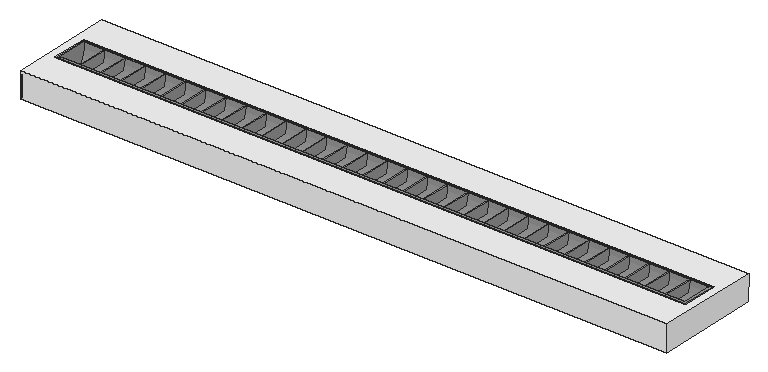
Revit family "0051212 Lighting Fixture_Sylvania_Rana LED 187x1183-Analogue 1-10 dimmable-4000K_Surface Mounted", category Lighting Fixtures, host Face, Revit 2015
Parameters (values of type "RANA LED D W CM+P 1*LH 1-10 4K")
  Width = 187.0 mm
  Weight = 3.60 kg
  Wattage = 34.0761 W
  built-in parameter 1150110 = 1 (stored number, unit not read)
  Voltage Comments = "UNV (Universal Voltage; 220-240 Volt)"  # constant formula
  Voltage = 230 V  # constant formula
  URL = "http://www.feilosylvania.com/"
  built-in parameter 1114217 = 1 (stored number, unit not read)
  Tilt Angle = -90.00°
  built-in parameter 1150109 = 1 (stored number, unit not read)
  built-in parameter 1150134 = 12
  built-in parameter 1150113 = 1 (stored number, unit not read)
  Reflector Material = Steel_Sylvania_RanaLED_Silver
  Product Page URL = "http://www.feilosylvania.com/product/en-int/products/0051212"
  Product Family = "Rana LED 187x1183-Analogue 1-10 dimmable-4000K Lamp"  # constant formula
  Photometry Comments = ""
  Photometric Web File = "0051212_RANALEDDWCM+P1LH1-104K-186609.ies"
  Louver Length = Length - 30.0 mm  # 1153.0 mm
  Life = "50 000h"  # constant formula
  Length = 1183.0 mm
  IP Rating = "20"  # constant formula
  IK Rating = "07"  # constant formula
  Height = 47.0 mm
  Energy Class = "A++, A+, A"  # constant formula
  built-in parameter 1114216 [instance] = 1 (stored number, unit not read)
  Model = "RANA LED D W CM+P 1*LH 1-10 4K"
  Manufacturer = "Feilo Sylvania"  # constant formula
  built-in parameter 1150105 = 1807.7 (stored number, unit not read)
  Lumens = 3135 lm
  built-in parameter 1150115 = 1 (stored number, unit not read)
  built-in parameter 1150137 = (empty or 0)
  built-in parameter 1150139 = (empty or 0)
  built-in parameter 1150112 = 1 (stored number, unit not read)
  built-in parameter 1150114 = 1 (stored number, unit not read)
  Lamp = "Integrated LED"  # constant formula
  built-in parameter 1150132 = 2
  built-in parameter 1150102 = (empty or 0)
  built-in parameter 1150107 = 4000 (stored number, unit not read)
  built-in parameter 1150138 = (empty or 0)
  built-in parameter 1150106 = 18.077 (stored number, unit not read)
  Emit from Rectangle Width = 65.0 mm  # constant formula
  Emit from Rectangle Length = Louver Length  # 1153.0 mm
  Emit Shape Visible in Rendering = no
  built-in parameter 1150104 = 8.5471 (stored number, unit not read)
  Dimming Lamp Color Temperature Shift = <None>
  Description = "Provides perfect uniform light distribution greatly enhancing the lit space. Low profile for ease of installation in restricted ceiling voids. Two stage optic for optimum comfort and efficiency. UGR19 office compliant. Enclosed design reduces dust ingress and improves Lumen Maintenance Factor (LMF). 32W - 69W LED surface luminaire. Rana LED is perfect for office lighting applications, schools, airports and general lighting applications. Available with a satin optic and micro prism diffuser. Available in surface (615 X 615, 1183 X 1187). Rana LED delivers high efficiency up to 6,050lm (luminaire lumen output on 4,000K version), equating to 101lm/W (total system efficiency). Available in warm white (3,000K) and neutral white (4,000K). Integrated LED solution that has the same aesthetics as a T5 or T8 diffuse luminaire. Energy efficient electronic gear including DALI and 3 hour emergency versions as standard. Long lifetime: 50,000 hours life at 70% of the original output L70. Less maintenance is required due to the long lifetime of 50,000hrs. Energy Class: A++, A+, A. LED technology provides an energy efficient solution with reduced maintenance costs. Comes complete with safety cable"  # constant formula
  Default Elevation = 0.0 mm
  Color Filter = 16777215
  Catalog Number = "0051212 RANA LED D W CM+P 1*LH 1-10 4K"
  built-in parameter 1140040 [instance] = 1
  built-in parameter 1114218 = 1 (stored number, unit not read)
  built-in parameter 1150133 = 10 (stored number, unit not read)
  Assembly Code = "D5020200"
  Apparent Load Comments = ""
  Apparent Load = 32 VA
  Accessory Material = Aluminum_Sylvania_RanaLED_White
Types (3, lengths in mm): name | Wattage | built-in parameter 1150134 | Product Page URL | Photometric Web File | Model | built-in parameter 1150105 | Lumens | built-in parameter 1150107 | built-in parameter 1150106 | Catalog Number
  RANA LED D W CM+P 1*LH 3K | 32 W | (empty or 0) | "http://www.feilosylvania.com/product/en-int/products/0051215" | "0051215_RANALEDDWCM+P1LH3K-186482.ies" | "RANA LED D W CM+P 1*LH 3K" | 1697.5 (stored number, unit not read) | 2944 lm | 3000 (stored number, unit not read) | 16.975 (stored number, unit not read) | "0051215 RANA LED D W CM+P 1*LH 3K"
  RANA LED D W CM+P 1*LH 4K | 34.0761 W | 12 | "http://www.feilosylvania.com/product/en-int/products/0051210" | "0051210_RANALEDDWCM+P1LH4K-186521.ies" | "RANA LED D W CM+P 1*LH 4K" | 1807.7 (stored number, unit not read) | 3135 lm | 4000 (stored number, unit not read) | 18.077 (stored number, unit not read) | "0051210 RANA LED D W CM+P 1*LH 4K"
  RANA LED D W CM+P 1*LH 1-10 4K | 34.0761 W | 12 | "http://www.feilosylvania.com/product/en-int/products/0051212" | "0051212_RANALEDDWCM+P1LH1-104K-186609.ies" | "RANA LED D W CM+P 1*LH 1-10 4K" | 1807.7 (stored number, unit not read) | 3135 lm | 4000 (stored number, unit not read) | 18.077 (stored number, unit not read) | "0051212 RANA LED D W CM+P 1*LH 1-10 4K"
Reference planes
  plane 1 "Center (Front/Back)": y = 0
  plane 2 "Fixture Top": z = 0
  plane 3 "Center (Left/Right)": x = 0
  plane 4 "Fixture Left": x = -591.5
  plane 5 "Fixture Right": x = 591.5
  plane 6 "Fixture Back": y = 93.5
  plane 7 "Fixture Front": y = -93.5
  plane 8: x = -589.5
  plane 9: x = 589.5
  plane 10: y = 91.5
  plane 11: y = -91.5
  plane 12: x = -576.5
  plane 13: x = 576.5
  plane 14: y = 32.5
  plane 15 "Fixture Bottom": z = 47
  plane 16: z = 45
  plane 17: z = 2
  plane 18: y = -32.5
Forms (mm)
  Extrusion 1, solid, material "Aluminum_Sylvania_RanaLED_White" <- "Accessory Material", detail levels fine
    sketch origin (0, 0, 60) x (-1, 0, 0) y (0, -1, 0)
      loop
        line (591.5, -93.5) -> (591.5, 93.5) -> (-591.5, 93.5) -> (-591.5, -93.5) -> (591.5, -93.5)
      loop
        line (576.5, -32.5) -> (576.5, 32.5) -> (-576.5, 32.5) -> (-576.5, -32.5) -> (576.5, -32.5)
    from -15 to -13
  Extrusion 2, solid, material "Aluminum_Sylvania_RanaLED_White" <- "Accessory Material", detail levels fine
    sketch origin (0, 0, 60) x (-1, 0, 0) y (0, -1, 0)
      loop
        line (-591.5, -93.5) -> (591.5, -93.5) -> (591.5, 93.5) -> (-591.5, 93.5) -> (-591.5, -93.5)
      loop
        line (-589.5, -91.5) -> (589.5, -91.5) -> (589.5, 91.5) -> (-589.5, 91.5) -> (-589.5, -91.5)
    from -58 to -15
  Extrusion 3, solid, material "Aluminum_Sylvania_RanaLED_White" <- "Accessory Material", detail levels fine
    sketch origin (0, 0, 60) x (-1, 0, 0) y (0, -1, 0)
      loop
        line (-591.5, -93.5) -> (591.5, -93.5) -> (591.5, 93.5) -> (-591.5, 93.5) -> (-591.5, -93.5)
    from -60 to -58
  Extrusion 4, solid, material "Aluminum_Sylvania_RanaLED_White" <- "Accessory Material", detail levels coarse+medium
    sketch origin (0, 0, 60) x (-1, 0, 0) y (0, -1, 0)
      loop
        line (591.5, -93.5) -> (591.5, 93.5) -> (-591.5, 93.5) -> (-591.5, -93.5) -> (591.5, -93.5)
    from -60 to -13
Cuts and joins
  joined: Extrusion 1, Extrusion 2, Extrusion 3
Dimensions and locks
  equal spacing: plane 6 "Fixture Back", plane 1 "Center (Front/Back)", plane 7 "Fixture Front"
  "Width": plane 6 "Fixture Back" to plane 7 "Fixture Front"
  equal spacing: plane 4 "Fixture Left", plane 3 "Center (Left/Right)", plane 5 "Fixture Right"
  "Length": plane 4 "Fixture Left" to plane 5 "Fixture Right"
  locked: plane 4 "Fixture Left" to plane 8 at 2
  locked: plane 9 to plane 5 "Fixture Right" at 2
  locked: plane 6 "Fixture Back" to plane 10 at 2
  locked: plane 7 "Fixture Front" to plane 11 at 2
  locked: plane 4 "Fixture Left" to plane 12 at 15
  locked: plane 13 to plane 5 "Fixture Right" at 15
  locked: plane 1 "Center (Front/Back)" to plane 14 at 32.5
  "Height": plane 15 "Fixture Bottom" to plane 2 "Fixture Top"
  locked: plane 15 "Fixture Bottom" to plane 16 at 2
  locked: plane 17 to plane 2 "Fixture Top" at 2
  locked: plane 18 to plane 1 "Center (Front/Back)" at 32.5
  aligned and locked: plane 2 "Fixture Top" to host face
  aligned and locked: level to host face
  aligned and locked: Extrusion 1 sketch curve to plane 6 "Fixture Back"
  aligned and locked: plane 4 "Fixture Left" to Extrusion 1 sketch curve
  aligned and locked: Extrusion 1 sketch curve to plane 7 "Fixture Front"
  aligned and locked: plane 5 "Fixture Right" to Extrusion 1 sketch curve
  aligned and locked: Extrusion 1 to plane 16
  aligned and locked: plane 15 "Fixture Bottom" to Extrusion 1
  aligned and locked: Extrusion 2 sketch curve to Extrusion 1  (x4)
  aligned and locked: Extrusion 2 sketch curve to plane 10
  aligned and locked: Extrusion 2 sketch curve to plane 9
  aligned and locked: plane 11 to Extrusion 2 sketch curve
  aligned and locked: Extrusion 2 sketch curve to plane 8
  aligned and locked: Extrusion 2 to plane 17
  aligned and locked: plane 16 to Extrusion 2
  aligned and locked: Extrusion 3 sketch curve to Extrusion 1  (x4)
  aligned and locked: Extrusion 3 to plane 2 "Fixture Top"
  aligned and locked: plane 17 to Extrusion 3
  aligned and locked: plane 13 to nested 1
  aligned and locked: nested 1 to plane 15 "Fixture Bottom"
  aligned and locked: plane 3 "Center (Left/Right)" to imposter light
  aligned and locked: imposter light to plane 1 "Center (Front/Back)"
  aligned and locked: plane 15 "Fixture Bottom" to imposter light
  aligned and locked: Extrusion 4 sketch curve to cut or joined group of Extrusion 1, Extrusion 2, Extrusion 3  (x4)
  aligned and locked: Extrusion 4 to plane 2 "Fixture Top"
  aligned and locked: plane 15 "Fixture Bottom" to Extrusion 4
  aligned and locked: Extrusion 1 sketch curve to plane 18
  aligned and locked: plane 13 to Extrusion 1 sketch curve
  aligned and locked: plane 1 "Center (Front/Back)" to nested 1
Automatic sketch dimensions
  host sketch curve to host sketch curve = 1713.741 mm
  host sketch curve to host sketch curve = 1283.632 mm
  Extrusion 1 sketch curve to plane 12 = 0.0 mm
  Extrusion 1 sketch curve to plane 14 = 0.0 mm
Nested families
  nested 1: "Reflector Rana LED" at (0, 0, 7) x (0, 1, 0) z (0, 0, 1), type "Type", detail levels fine
    with Length 1153.0 mm, Lamella Number 30
Connectors
  electrical at (0, 0, 0), driven by "Voltage", driven by "Apparent Load"
    settings: on cut or joined group of Extrusion 1, Extrusion 2, Extrusion 3, index 1, voltage 230 V, apparent load 0 VA, apparent load phase1 32 VA, apparent load phase2 0 VA, apparent load phase3 0 VA, power factor 1, load classification "Lighting", number of poles 1, system type 31, power factor state 1, is connector primary yes, connector utility no, sub classification motor no, connector description ""
Definition of nested family "Reflector Rana LED"
  Parameters
    Length = 558.0 mm
    Lamella Number = Length / 39.0 mm  # 14
    Height = 40.0 mm
    Width = 65.0 mm
    Default Elevation = 0.0 mm
    Reflector Material = none
  Reference planes
    plane 1 "Center (Front/Back)": y = 0
    plane 2: z = 0
    plane 3 "Center (Left/Right)": x = 0
    plane 4: x = 32.5
    plane 5: x = -32.5
    plane 6: z = 40
    plane 7: x = -27.5
    plane 8: x = 27.5
    plane 9: z = 3
    plane 10: x = -15
    plane 11: x = 15
    plane 12: y = 279
    plane 13: y = -279
    plane 14: y = 239
    plane 15: y = -239
    plane 16: y = 274
    plane 17: y = -274
    plane 18: z = 20
    plane 19: z = 38.5
  Forms (mm)
    Extrusion 1, solid, material <- "Reflector Material"
      sketch origin (0, 0, 0) x (1, 0, 0) y (0, 0, 1)
        loop
          line (-27.5, 40) -> (-32.5, 40) -> (-32.5, 0) -> (32.5, 0) -> (32.5, 40) -> (27.5, 40)
          arc (27.5, 40) -> (24.712, 20.33) -> (15, 3) r 54
          line (15, 3) -> (-15, 3)
          arc (-15, 3) -> (-24.712, 20.33) -> (-27.5, 40) r 54
      from -279 to 279
    Extrusion 2, solid, material <- "Reflector Material"
      sketch origin (0, 0, 0) x (1, 0, 0) y (0, 0, 1)
        loop
          line (32.5, 40) -> (-32.5, 40) -> (-32.5, 0) -> (32.5, 0) -> (32.5, 40)
      from 274 to 279
    Extrusion 3, solid, material <- "Reflector Material"
      sketch origin (0, 0, 0) x (1, 0, 0) y (0, 0, -1)
        loop
          line (32.5, -40) -> (32.5, 0) -> (-32.5, 0) -> (-32.5, -40) -> (32.5, -40)
      from 274 to 279
    Extrusion 4, solid, material <- "Reflector Material"
      sketch origin (0, -1, 0) x (1, 0, 0) y (0, 0, 1)
        loop
          line (-24.599, 20) -> (24.599, 20)
          arc (24.599, 20) -> (26.881, 29.121) -> (27.545, 38.5) r 54
          line (27.545, 38.5) -> (-27.545, 38.5)
          arc (-27.545, 38.5) -> (-26.881, 29.121) -> (-24.599, 20) r 54
      from -240 to -238
    Extrusion 5, solid, material <- "Reflector Material"
      sketch origin (0, -477, 0) x (1, 0, 0) y (0, 0, 1)
        loop
          line (-24.599, 20) -> (24.599, 20)
          arc (24.599, 20) -> (26.881, 29.121) -> (27.545, 38.5) r 54
          line (27.545, 38.5) -> (-27.545, 38.5)
          arc (-27.545, 38.5) -> (-26.881, 29.121) -> (-24.599, 20) r 54
      from -240 to -238
    Extrusion 6, solid, material <- "Reflector Material"
      sketch origin (0, -37.615, 0) x (1, 0, 0) y (0, 0, 1)
        loop
          line (-24.599, 20) -> (24.599, 20)
          arc (24.599, 20) -> (26.881, 29.121) -> (27.545, 38.5) r 54
          line (27.545, 38.5) -> (-27.545, 38.5)
          arc (-27.545, 38.5) -> (-26.881, 29.121) -> (-24.599, 20) r 54
      from -240 to -238
    Extrusion 7, solid, material <- "Reflector Material"
      sketch origin (0, -74.231, 0) x (1, 0, 0) y (0, 0, 1)
        loop
          line (-24.599, 20) -> (24.599, 20)
          arc (24.599, 20) -> (26.881, 29.121) -> (27.545, 38.5) r 54
          line (27.545, 38.5) -> (-27.545, 38.5)
          arc (-27.545, 38.5) -> (-26.881, 29.121) -> (-24.599, 20) r 54
      from -240 to -238
    Extrusion 8, solid, material <- "Reflector Material"
      sketch origin (0, -110.846, 0) x (1, 0, 0) y (0, 0, 1)
        loop
          line (-24.599, 20) -> (24.599, 20)
          arc (24.599, 20) -> (26.881, 29.121) -> (27.545, 38.5) r 54
          line (27.545, 38.5) -> (-27.545, 38.5)
          arc (-27.545, 38.5) -> (-26.881, 29.121) -> (-24.599, 20) r 54
      from -240 to -238
    Extrusion 9, solid, material <- "Reflector Material"
      sketch origin (0, -147.462, 0) x (1, 0, 0) y (0, 0, 1)
        loop
          line (-24.599, 20) -> (24.599, 20)
          arc (24.599, 20) -> (26.881, 29.121) -> (27.545, 38.5) r 54
          line (27.545, 38.5) -> (-27.545, 38.5)
          arc (-27.545, 38.5) -> (-26.881, 29.121) -> (-24.599, 20) r 54
      from -240 to -238
    Extrusion 10, solid, material <- "Reflector Material"
      sketch origin (0, -184.077, 0) x (1, 0, 0) y (0, 0, 1)
        loop
          line (-24.599, 20) -> (24.599, 20)
          arc (24.599, 20) -> (26.881, 29.121) -> (27.545, 38.5) r 54
          line (27.545, 38.5) -> (-27.545, 38.5)
          arc (-27.545, 38.5) -> (-26.881, 29.121) -> (-24.599, 20) r 54
      from -240 to -238
    Extrusion 11, solid, material <- "Reflector Material"
      sketch origin (0, -220.692, 0) x (1, 0, 0) y (0, 0, 1)
        loop
          line (-24.599, 20) -> (24.599, 20)
          arc (24.599, 20) -> (26.881, 29.121) -> (27.545, 38.5) r 54
          line (27.545, 38.5) -> (-27.545, 38.5)
          arc (-27.545, 38.5) -> (-26.881, 29.121) -> (-24.599, 20) r 54
      from -240 to -238
    Extrusion 12, solid, material <- "Reflector Material"
      sketch origin (0, -257.308, 0) x (1, 0, 0) y (0, 0, 1)
        loop
          line (-24.599, 20) -> (24.599, 20)
          arc (24.599, 20) -> (26.881, 29.121) -> (27.545, 38.5) r 54
          line (27.545, 38.5) -> (-27.545, 38.5)
          arc (-27.545, 38.5) -> (-26.881, 29.121) -> (-24.599, 20) r 54
      from -240 to -238
    Extrusion 13, solid, material <- "Reflector Material"
      sketch origin (0, -293.923, 0) x (1, 0, 0) y (0, 0, 1)
        loop
          line (-24.599, 20) -> (24.599, 20)
          arc (24.599, 20) -> (26.881, 29.121) -> (27.545, 38.5) r 54
          line (27.545, 38.5) -> (-27.545, 38.5)
          arc (-27.545, 38.5) -> (-26.881, 29.121) -> (-24.599, 20) r 54
      from -240 to -238
    Extrusion 14, solid, material <- "Reflector Material"
      sketch origin (0, -330.538, 0) x (1, 0, 0) y (0, 0, 1)
        loop
          line (-24.599, 20) -> (24.599, 20)
          arc (24.599, 20) -> (26.881, 29.121) -> (27.545, 38.5) r 54
          line (27.545, 38.5) -> (-27.545, 38.5)
          arc (-27.545, 38.5) -> (-26.881, 29.121) -> (-24.599, 20) r 54
      from -240 to -238
    Extrusion 15, solid, material <- "Reflector Material"
      sketch origin (0, -367.154, 0) x (1, 0, 0) y (0, 0, 1)
        loop
          line (-24.599, 20) -> (24.599, 20)
          arc (24.599, 20) -> (26.881, 29.121) -> (27.545, 38.5) r 54
          line (27.545, 38.5) -> (-27.545, 38.5)
          arc (-27.545, 38.5) -> (-26.881, 29.121) -> (-24.599, 20) r 54
      from -240 to -238
    Extrusion 16, solid, material <- "Reflector Material"
      sketch origin (0, -403.769, 0) x (1, 0, 0) y (0, 0, 1)
        loop
          line (-24.599, 20) -> (24.599, 20)
          arc (24.599, 20) -> (26.881, 29.121) -> (27.545, 38.5) r 54
          line (27.545, 38.5) -> (-27.545, 38.5)
          arc (-27.545, 38.5) -> (-26.881, 29.121) -> (-24.599, 20) r 54
      from -240 to -238
    Extrusion 17, solid, material <- "Reflector Material"
      sketch origin (0, -440.385, 0) x (1, 0, 0) y (0, 0, 1)
        loop
          line (-24.599, 20) -> (24.599, 20)
          arc (24.599, 20) -> (26.881, 29.121) -> (27.545, 38.5) r 54
          line (27.545, 38.5) -> (-27.545, 38.5)
          arc (-27.545, 38.5) -> (-26.881, 29.121) -> (-24.599, 20) r 54
      from -240 to -238
  Cuts and joins
    joined: Extrusion 1, Extrusion 2, Extrusion 3
  Dimensions and locks
    equal spacing: plane 4, plane 3 "Center (Left/Right)", plane 5
    "Width": plane 5 to plane 4
    "Height": plane 6 to level
    locked: plane 7 to plane 5 at 5
    locked: plane 8 to plane 4 at 5
    locked: plane 5 to plane 10 at 17.5
    locked: plane 4 to plane 11 at 17.5
    equal spacing: plane 13, plane 1 "Center (Front/Back)", plane 12
    "Length": plane 12 to plane 13
    locked: plane 12 to plane 14 at 40
    locked: plane 15 to plane 13 at 40
    locked: plane 17 to plane 13 at 5
    locked: plane 12 to plane 16 at 5
    equal spacing: group 1, group 3, group 4, group 5, group 6, group 7, group 8, group 9, group 10, group 11, group 12, group 13, group 14, group 2  (x2)
    equal spacing: group 2, group 14, group 13, group 12, group 11, group 10, group 9, group 8, group 7, group 6, group 5, group 4, group 3, group 1
    locked: plane 6 to plane 19 at 1.5
    locked: plane 6 to plane 18 at 20
    locked: plane 6 to plane 9 at 37
    aligned and locked: level to plane 2
    aligned and locked: plane 10 to Extrusion 1 sketch curve
    aligned and locked: plane 6 to Extrusion 1 sketch curve
    aligned and locked: plane 7 to Extrusion 1 sketch curve
    aligned and locked: plane 8 to Extrusion 1 sketch curve
    aligned and locked: plane 9 to Extrusion 1 sketch curve  (x2)
    aligned and locked: plane 11 to Extrusion 1 sketch curve
    aligned and locked: Extrusion 1 sketch curve to plane 5
    aligned and locked: plane 2 to Extrusion 1 sketch curve
    aligned and locked: Extrusion 1 sketch curve to plane 4
    aligned and locked: Extrusion 1 sketch curve to plane 6  (x2)
    aligned and locked: plane 12 to Extrusion 1
    aligned and locked: Extrusion 1 to plane 13
    aligned and locked: Extrusion 2 sketch curve to Extrusion 1  (x4)
    aligned and locked: Extrusion 2 to plane 13
    aligned and locked: Extrusion 2 to plane 17
    aligned and locked: plane 12 to Extrusion 3
    aligned and locked: Extrusion 3 to plane 16
    aligned and locked: Extrusion 4 to plane 14
    aligned and locked: Extrusion 5 to plane 15
    aligned and locked: plane 14 to Extrusion 4
    aligned and locked: Extrusion 4 to plane 18
    aligned and locked: plane 19 to Extrusion 4
    aligned and locked: plane 19 to Extrusion 5
    aligned and locked: Extrusion 5 to plane 18
  Automatic sketch dimensions
    Extrusion 1 sketch curve to plane 19 = 0.886 mm  (x2)
    plane 5 to Extrusion 3 sketch curve = 0.0 mm
    Extrusion 3 sketch curve to level = 0.0 mm
    Extrusion 3 sketch curve to plane 4 = 0.0 mm
    Extrusion 3 sketch curve to plane 6 = 0.0 mm
    Extrusion 4 sketch curve to Extrusion 4 sketch curve = 2.946 mm  (x2)
    Extrusion 4 sketch curve to Extrusion 4 sketch curve = 49.199 mm
    Extrusion 4 sketch curve to Extrusion 4 sketch curve = 1.098 mm  (x2)
    Extrusion 4 sketch curve to Extrusion 4 sketch curve = 18.5 mm
    Extrusion 5 sketch curve to Extrusion 5 sketch curve = 2.946 mm  (x2)
    Extrusion 5 sketch curve to Extrusion 5 sketch curve = 49.199 mm
    Extrusion 5 sketch curve to Extrusion 5 sketch curve = 1.098 mm  (x2)
    Extrusion 5 sketch curve to Extrusion 5 sketch curve = 18.5 mm
    Extrusion 6 sketch curve to Extrusion 6 sketch curve = 2.946 mm  (x2)
    Extrusion 6 sketch curve to Extrusion 6 sketch curve = 49.199 mm
    Extrusion 6 sketch curve to Extrusion 6 sketch curve = 1.098 mm  (x2)
    Extrusion 6 sketch curve to Extrusion 6 sketch curve = 18.5 mm
    Extrusion 7 sketch curve to Extrusion 7 sketch curve = 2.946 mm  (x2)
    Extrusion 7 sketch curve to Extrusion 7 sketch curve = 49.199 mm
    Extrusion 7 sketch curve to Extrusion 7 sketch curve = 1.098 mm  (x2)
    Extrusion 7 sketch curve to Extrusion 7 sketch curve = 18.5 mm
    Extrusion 8 sketch curve to Extrusion 8 sketch curve = 2.946 mm  (x2)
    Extrusion 8 sketch curve to Extrusion 8 sketch curve = 49.199 mm
    Extrusion 8 sketch curve to Extrusion 8 sketch curve = 1.098 mm  (x2)
    Extrusion 8 sketch curve to Extrusion 8 sketch curve = 18.5 mm
    Extrusion 9 sketch curve to Extrusion 9 sketch curve = 2.946 mm  (x2)
    Extrusion 9 sketch curve to Extrusion 9 sketch curve = 49.199 mm
    Extrusion 9 sketch curve to Extrusion 9 sketch curve = 1.098 mm  (x2)
    Extrusion 9 sketch curve to Extrusion 9 sketch curve = 18.5 mm
    Extrusion 10 sketch curve to Extrusion 10 sketch curve = 2.946 mm  (x2)
    Extrusion 10 sketch curve to Extrusion 10 sketch curve = 49.199 mm
    Extrusion 10 sketch curve to Extrusion 10 sketch curve = 1.098 mm  (x2)
    Extrusion 10 sketch curve to Extrusion 10 sketch curve = 18.5 mm
    Extrusion 11 sketch curve to Extrusion 11 sketch curve = 2.946 mm  (x2)
    Extrusion 11 sketch curve to Extrusion 11 sketch curve = 49.199 mm
    Extrusion 11 sketch curve to Extrusion 11 sketch curve = 1.098 mm  (x2)
    Extrusion 11 sketch curve to Extrusion 11 sketch curve = 18.5 mm
    Extrusion 12 sketch curve to Extrusion 12 sketch curve = 2.946 mm  (x2)
    Extrusion 12 sketch curve to Extrusion 12 sketch curve = 49.199 mm
    Extrusion 12 sketch curve to Extrusion 12 sketch curve = 1.098 mm  (x2)
    Extrusion 12 sketch curve to Extrusion 12 sketch curve = 18.5 mm
    Extrusion 13 sketch curve to Extrusion 13 sketch curve = 2.946 mm  (x2)
    Extrusion 13 sketch curve to Extrusion 13 sketch curve = 49.199 mm
    Extrusion 13 sketch curve to Extrusion 13 sketch curve = 1.098 mm  (x2)
    Extrusion 13 sketch curve to Extrusion 13 sketch curve = 18.5 mm
    Extrusion 14 sketch curve to Extrusion 14 sketch curve = 2.946 mm  (x2)
    Extrusion 14 sketch curve to Extrusion 14 sketch curve = 49.199 mm
    Extrusion 14 sketch curve to Extrusion 14 sketch curve = 1.098 mm  (x2)
    Extrusion 14 sketch curve to Extrusion 14 sketch curve = 18.5 mm
    Extrusion 15 sketch curve to Extrusion 15 sketch curve = 2.946 mm  (x2)
    Extrusion 15 sketch curve to Extrusion 15 sketch curve = 49.199 mm
    Extrusion 15 sketch curve to Extrusion 15 sketch curve = 1.098 mm  (x2)
    Extrusion 15 sketch curve to Extrusion 15 sketch curve = 18.5 mm
    Extrusion 16 sketch curve to Extrusion 16 sketch curve = 2.946 mm  (x2)
    Extrusion 16 sketch curve to Extrusion 16 sketch curve = 49.199 mm
    Extrusion 16 sketch curve to Extrusion 16 sketch curve = 1.098 mm  (x2)
    Extrusion 16 sketch curve to Extrusion 16 sketch curve = 18.5 mm
    Extrusion 17 sketch curve to Extrusion 17 sketch curve = 2.946 mm  (x2)
    Extrusion 17 sketch curve to Extrusion 17 sketch curve = 49.199 mm
    Extrusion 17 sketch curve to Extrusion 17 sketch curve = 1.098 mm  (x2)
    Extrusion 17 sketch curve to Extrusion 17 sketch curve = 18.5 mm
